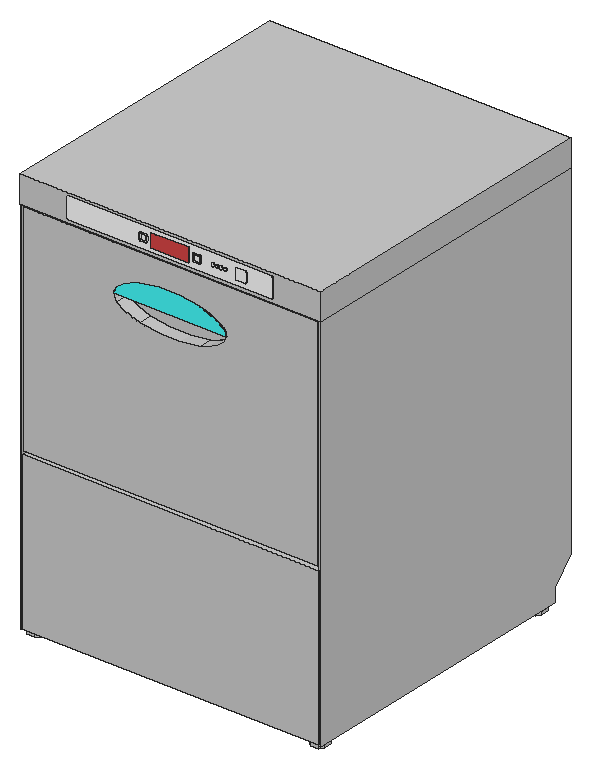
Revit family "QF_COMENDA_CE60", category Attrezzature speciali, Revit 2019
Family settings
  Quota connettore circolare = Usa diametro
  Tipo di parte = Normale
  Numero OmniClass = 23.40.40.14
  Titolo OmniClass = Food Service Equipment
  Basato su piano di lavoro = No
  Sempre verticale = Sì
  Taglio con vuoti quando caricato = No
  Condiviso = No
  Punto di calcolo locali = No
Parameters (values of type "H56500")
  URL catalogo = "https://www.hoonved.com/site/assets/files/1115/39210_ce_ita_eng_low_09-2019.pdf"
  URL = "https://www.hoonved.com/"
  Tensione = 400 V
  Temperatura raccomandata per acqua calda = 50 °C
  Show Logo [instance] = yes
  Show Clearance [instance] = yes
  Protezione contro le sovracorrenti = 16 A
  Profondità = 605 mm
  Pressione minima acqua calda = 2000.0 Pa
  Potenza elettrica = 5450 W
  Peso netto = 58.00 kg
  Numero dei poli = 3
  Modello = "CE60"
  Produttore = "HOONVED"
  Lunghezza = 600 mm
  Frequenza = 50 Hz
  Fase = 3
  Diametro raccordo acqua calda = 3/4"
  Diametro dello scarico diretto di acqua = 1 3/8"
  Descrizione = "MULTIPOWER DISHWASHER"
  Corrente di funzionamento normale = 11 A
  Assembly Code = ""
  Altezza dello scarico diretto acqua da pavimento finito = 55 mm
  Altezza da terra raccordo acqua calda = 55 mm
  Altezza allacciamento elettrico da pavimento finito = 55 mm
  Altezza = 820 mm
Types (3, lengths in mm): name | Modello | Descrizione
  H56500 | "CE60" | "MULTIPOWER DISHWASHER"
  H56502 | "CE60D" | "MULTIPOWER DISHWASHER WITH WATER SOFTENER"
  H56520 | "CE60BT" | "MULTIPOWER DISHWASHER WITH BREAK TANK"
Reference planes
  plane 1 "Back": y = 0
  plane 2: z = 0
  plane 3 "Left": x = 0
  plane 4 "Right": x = 600
  plane 5 "Front": y = -626
  plane 6 "Top": z = 825
Forms (mm)
  Extrusion 1, solid
    sketch origin (-257.829, 107.979, 3.561) x (1, 0, 0) y (0, 0, 1)
      loop
        line (257.829, 821.439) -> (257.829, 767.358) -> (858.727, 767.358) -> (858.727, 821.439) -> (257.829, 821.439)
    from 107.98 to 733.979
  Extrusion 2, solid
    sketch origin (742.171, 107.979, 0) x (1, 0, 0) y (0, 1, 0)
      loop
        line (-742.171, -147.039) -> (-742.171, -732.973) -> (-739.171, -732.973) -> (-739.171, -702.973) -> (-144.273, -702.973) -> (-144.273, -732.973) -> (-141.273, -732.973) -> (-141.273, -147.039) -> (-742.171, -147.039)
    from 9.204 to 770.919
  Extrusion 3, solid
    sketch origin (742.171, 107.979, 0) x (0, 1, 0) y (0, 0, 1)
      loop
        line (-107.979, 79.589) -> (-107.979, 770.919) -> (-147.039, 770.919) -> (-147.039, 79.589) -> (-107.979, 79.589)
    from -742.171 to -141.273
  Extrusion 4, solid
    sketch origin (-257.829, -594.994, 0) x (1, 0, 0) y (0, 0, 1)
      loop
        line (260.829, 323.173) -> (260.829, 10.706) -> (855.727, 10.706) -> (855.727, 323.173) -> (260.829, 323.173)
    from 0 to 30
  Extrusion 5, solid
    sketch origin (-257.829, -594.994, 318.998) x (1, 0, 0) y (0, 0, 1)
      loop
        line (264.308, 448.955) -> (264.308, 10.706) -> (852.187, 10.706) -> (852.187, 448.955) -> (264.308, 448.955)
      loop
        arc (451.251, 344.692) -> (472.467, 331.255) -> (496.02, 322.542) r 119.651
        arc (496.02, 322.542) -> (556.153, 315.313) -> (616.388, 321.63) r 271.145
        arc (616.388, 321.63) -> (642.01, 330.392) -> (665.006, 344.692) r 119.651
        arc (665.006, 344.692) -> (670.055, 358.128) -> (665.006, 371.563) r 20.403
        arc (665.006, 371.563) -> (642.01, 385.863) -> (616.392, 394.643) r 119.651
        arc (616.392, 394.643) -> (556.153, 400.943) -> (496.02, 393.713) r 271.145
        arc (496.02, 393.713) -> (472.467, 385) -> (451.251, 371.563) r 119.651
        arc (451.251, 371.563) -> (446.203, 358.128) -> (451.251, 344.692) r 20.403
    from 0 to 30
  Extrusion 6, solid
    sketch origin (-257.829, -594.994, 298.998) x (1, 0, 0) y (0, 0, 1)
      loop
        arc (451.251, 364.692) -> (472.467, 351.255) -> (496.02, 342.542) r 119.651
        arc (496.02, 342.542) -> (556.153, 335.313) -> (616.388, 341.63) r 271.145
        arc (616.388, 341.63) -> (642.01, 350.392) -> (665.006, 364.692) r 119.651
        arc (665.006, 364.692) -> (670.055, 378.128) -> (665.006, 391.563) r 20.403
        arc (665.006, 391.563) -> (642.01, 405.863) -> (616.392, 414.643) r 119.651
        arc (616.392, 414.643) -> (556.153, 420.943) -> (496.02, 413.713) r 271.145
        arc (496.02, 413.713) -> (472.467, 405) -> (451.251, 391.563) r 119.651
        arc (451.251, 391.563) -> (446.203, 378.128) -> (451.251, 364.692) r 20.403
    from 0 to 2
  Extrusion 7, solid
    sketch origin (-257.829, -623.994, 298.998) x (1, 0, 0) y (0, 0, 1)
      loop
        line (446.203, 378.128) -> (670.055, 378.128)
        arc (670.055, 378.128) -> (668.751, 385.304) -> (665.006, 391.563) r 20.403
        arc (665.006, 391.563) -> (642.01, 405.863) -> (616.392, 414.643) r 119.651
        arc (616.392, 414.643) -> (556.153, 420.943) -> (496.02, 413.713) r 271.145
        arc (496.02, 413.713) -> (472.467, 405) -> (451.251, 391.563) r 119.651
        arc (451.251, 391.563) -> (447.507, 385.304) -> (446.203, 378.128) r 20.403
    from 0 to 2
  Extrusion 8, solid
    sketch origin (-257.829, 107.979, 0) x (1, 0, 0) y (0, 1, 0)
      loop
        line (260.283, -162.552) -> (260.283, -177.574) -> (267.043, -184.334) -> (282.065, -184.334) -> (288.825, -177.574) -> (288.825, -162.552) -> (282.065, -155.792) -> (267.043, -155.792) -> (260.283, -162.552)
      loop
        line (827.731, -162.552) -> (827.731, -177.574) -> (834.491, -184.334) -> (849.513, -184.334) -> (856.273, -177.574) -> (856.273, -162.552) -> (849.513, -155.792) -> (834.491, -155.792) -> (827.731, -162.552)
      loop
        line (849.513, -698.672) -> (834.491, -698.672) -> (827.731, -705.432) -> (827.731, -720.454) -> (834.491, -727.214) -> (849.513, -727.214) -> (856.273, -720.454) -> (856.273, -705.432) -> (849.513, -698.672)
      loop
        line (260.283, -705.432) -> (260.283, -720.454) -> (267.043, -727.214) -> (282.065, -727.214) -> (288.825, -720.454) -> (288.825, -705.432) -> (282.065, -698.672) -> (267.043, -698.672) -> (260.283, -705.432)
    from 0 to 6.51
  Extrusion 9, solid
    sketch origin (-257.829, 107.979, 0) x (1, 0, 0) y (0, 1, 0)
      loop
        circle (274.554, -712.943) r 4.006
      loop
        circle (842.002, -712.943) r 4.006
      loop
        circle (274.554, -170.063) r 4.006
      loop
        circle (842.002, -170.063) r 4.006
    from 6.51 to 9.204
  Extrusion 10, solid
    sketch origin (-257.829, -624.195, 3.561) x (1, 0, 0) y (0, 0, 1)
      loop
        arc (352.546, 776.439) -> (353.346, 774.507) -> (355.278, 773.707) r 2.732
        line (355.278, 773.707) -> (761.278, 773.707)
        arc (761.278, 773.707) -> (763.21, 774.507) -> (764.01, 776.439) r 2.732
        line (764.01, 776.439) -> (764.01, 812.439)
        arc (764.01, 812.439) -> (763.21, 814.371) -> (761.278, 815.171) r 2.732
        line (761.278, 815.171) -> (355.278, 815.171)
        arc (355.278, 815.171) -> (353.346, 814.371) -> (352.546, 812.439) r 2.732
        line (352.546, 812.439) -> (352.546, 776.439)
    from 0 to 2
  Extrusion 11, solid
    sketch origin (-257.829, -624.395, 3.561) x (1, 0, 0) y (0, 0, 1)
      loop
        line (520.778, 780.439) -> (595.778, 780.439) -> (595.778, 808.439) -> (520.778, 808.439) -> (520.778, 780.439)
    from 0 to 2
  Extrusion 12, solid
    sketch origin (-145.804, -624.395, 3.561) x (1, 0, 0) y (0, 0, 1)
      loop
        arc (579.253, 805.439) -> (577.839, 804.853) -> (577.253, 803.439) r 2
        line (577.253, 803.439) -> (577.253, 785.439)
        arc (577.253, 785.439) -> (577.839, 784.025) -> (579.253, 783.439) r 2
        line (579.253, 783.439) -> (597.253, 783.439)
        arc (597.253, 783.439) -> (598.667, 784.025) -> (599.253, 785.439) r 2
        line (599.253, 785.439) -> (599.253, 803.439)
        arc (599.253, 803.439) -> (598.667, 804.853) -> (597.253, 805.439) r 2
        line (597.253, 805.439) -> (579.253, 805.439)
      loop
        circle (532.753, 794.439) r 3.1
      loop
        circle (540.753, 794.439) r 3.1
      loop
        circle (548.753, 794.439) r 3.1
      loop
        circle (556.753, 794.439) r 3.1
      loop
        line (504.766, 802.439) -> (494.771, 802.439)
        arc (494.771, 802.439) -> (492.637, 801.555) -> (491.753, 799.421) r 3.018
        line (491.753, 799.421) -> (491.753, 789.449)
        arc (491.753, 789.449) -> (492.634, 787.32) -> (494.762, 786.439) r 3.01
        line (494.762, 786.439) -> (504.72, 786.439)
        arc (504.72, 786.439) -> (506.865, 787.327) -> (507.753, 789.471) r 3.033
        line (507.753, 789.471) -> (507.753, 799.452)
        arc (507.753, 799.452) -> (506.878, 801.564) -> (504.766, 802.439) r 2.986
      loop
        line (397.751, 802.439) -> (387.755, 802.439)
        arc (387.755, 802.439) -> (385.621, 801.555) -> (384.737, 799.421) r 3.018
        line (384.737, 799.421) -> (384.737, 789.449)
        arc (384.737, 789.449) -> (385.618, 787.32) -> (387.747, 786.439) r 3.01
        line (387.747, 786.439) -> (397.704, 786.439)
        arc (397.704, 786.439) -> (399.849, 787.327) -> (400.737, 789.471) r 3.033
        line (400.737, 789.471) -> (400.737, 799.452)
        arc (400.737, 799.452) -> (399.862, 801.564) -> (397.751, 802.439) r 2.986
      loop
        arc (387.755, 800.439) -> (387.035, 800.141) -> (386.737, 799.421) r 1.018
        line (386.737, 799.421) -> (386.737, 789.449)
        arc (386.737, 789.449) -> (387.033, 788.735) -> (387.747, 788.439) r 1.01
        line (387.747, 788.439) -> (397.704, 788.439)
        arc (397.704, 788.439) -> (398.434, 788.741) -> (398.737, 789.471) r 1.033
        line (398.737, 789.471) -> (398.737, 799.452)
        arc (398.737, 799.452) -> (398.448, 800.15) -> (397.751, 800.439) r 0.986
        line (397.751, 800.439) -> (387.755, 800.439)
      loop
        arc (494.771, 800.439) -> (494.051, 800.141) -> (493.753, 799.421) r 1.018
        line (493.753, 799.421) -> (493.753, 789.449)
        arc (493.753, 789.449) -> (494.048, 788.735) -> (494.762, 788.439) r 1.01
        line (494.762, 788.439) -> (504.72, 788.439)
        arc (504.72, 788.439) -> (505.45, 788.741) -> (505.753, 789.471) r 1.033
        line (505.753, 789.471) -> (505.753, 799.452)
        arc (505.753, 799.452) -> (505.464, 800.15) -> (504.766, 800.439) r 0.986
        line (504.766, 800.439) -> (494.771, 800.439)
    from 0 to 2
  Extrusion 13, solid, visible <- "Show Clearance", detail levels coarse
    sketch origin (-257.829, 84.979, 0) x (0, 1, 0) y (0, 0, 1)
      loop
        arc (-709.973, 767.954) -> (-1019.862, 639.593) -> (-1148.222, 329.704) r 438.249
        line (-1148.222, 329.704) -> (-709.973, 329.704) -> (-709.973, 767.954)
    from 264.308 to 852.187
  Extrusion 14, solid
    sketch origin (246, -38.86, 55) x (1, 0, 0) y (0, 0, 1)
      loop
        circle (0, 0) r 17.5
    from 0 to 2
  Extrusion 15, solid
    sketch origin (0, 0, 0) x (0, 1, 0) y (0, 0, 1)
      loop
        line (-39.06, 36.193) -> (0, 79.589) -> (-39.06, 79.589) -> (-39.06, 36.193)
    from 0 to 3
  Extrusion 16, solid
    sketch origin (597.898, 0, 0) x (0, 1, 0) y (0, 0, 1)
      loop
        line (-39.06, 36.193) -> (0, 79.589) -> (-39.06, 79.589) -> (-39.06, 36.193)
    from 0 to 3
  Extrusion 17, solid
    sketch origin (311, -38.86, 55) x (1, 0, 0) y (0, 0, 1)
      loop
        circle (-10, 0) r 13
    from 0 to 2
  Extrusion 18, solid
    sketch origin (221, -38.86, 55) x (1, 0, 0) y (0, 0, 1)
      loop
        circle (135, 0) r 17.5
    from 0 to 2
Cuts and joins
  joined: Extrusion 2, Extrusion 3, Extrusion 15, Extrusion 16
Lines and regions (mm)
  symbolic lines, style "200-EquipBorder-2D"
    curve 1: line (0, -0.001, 0) -> (600.898, -0.001, 0)
    curve 2: line (600.898, -0.001, 0) -> (600.898, -624.994, 0)
    curve 3: line (600.898, -624.994, 0) -> (0, -624.994, 0)
    curve 4: line (0, -624.994, 0) -> (0, -0.001, 0)
  symbolic lines, style "QF_Door-Drawer Clearances", visible <- "Show Clearance"
    curve 5: line (6.479, -624.994, 0) -> (6.479, -1063.244, 0)
    curve 6: line (594.358, -1063.244, 0) -> (6.479, -1063.244, 0)
    curve 7: line (594.358, -1063.244, 0) -> (594.358, -624.994, 0)
Dimensions and locks
  plane 3 "Left" to plane 4 "Right" = 600 mm
  plane 5 "Front" to plane 1 "Back" = 626 mm
  plane 6 "Top" to level = 825 mm
  aligned and locked: level to plane 2
Connectors
  piping at (246, -38.86, 55), diameter 38
    settings: on Extrusion 14, index 1, connector inside diameter 24", connector length 0 mm, flow factor 0, pipe flow 0.0 L/s, pressure drop 0.0 Pa, fitting loss kfactor 0, connector angle 0.00°, fixture units 0, engagement length 0 mm, angle of deflection 0.00°, flow configuration 1, flow direction 1, fitting loss method 0, system type 19, joint type 0, gender type 0, connector reference index -1, connector utility 0, adjustable connector no, is connector primary yes, connector description "water inlet"
  piping at (356, -38.86, 55), diameter 36
    settings: on Extrusion 18, index 2, connector inside diameter 24", connector length 0 mm, flow factor 0, pipe flow 0.0 L/s, pressure drop 0.0 Pa, fitting loss kfactor 0, connector angle 0.00°, fixture units 0, engagement length 0 mm, angle of deflection 0.00°, flow configuration 1, flow direction 2, fitting loss method 0, system type 16, joint type 0, gender type 0, connector reference index -1, connector utility 0, adjustable connector no, is connector primary no, connector description "drain connection"
  electrical at (301, -38.86, 55)
    settings: on Extrusion 17, index 3, voltage 0 V, apparent load 0 VA, apparent load phase1 0 VA, apparent load phase2 0 VA, apparent load phase3 0 VA, power factor 1, load classification "Other", number of poles 1, system type 31, power factor state 1, is connector primary yes, connector utility no, sub classification motor no, connector description "electrical connection"
